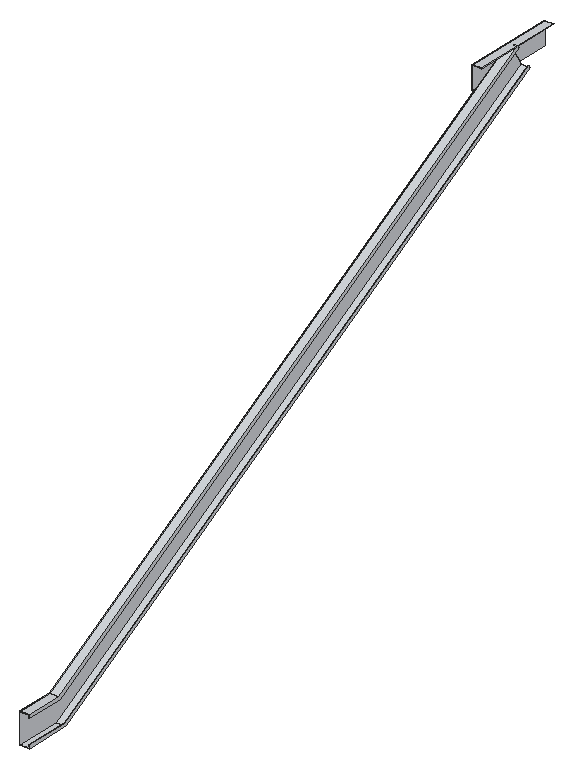
Revit family "BIMSF-Kicker-BottomShoe", category Structural Framing, host Wall, Revit 2024
Family settings
  Host = Wall
  Section Shape = Not Defined
  Material for Model Behavior = Steel
  Always export as geometry = No
  Always vertical = Yes
  Cut with Voids When Loaded = No
  Symbolic Representation = From Family
  Shared = No
  Show family pre-cut in plan views = Yes
Parameters (values of type "Default")
  tf = 0' - 0 9/256"
  l [instance] = (Eo / sin(Ea)) - (d / tan(Ea))  # 7' - 5.0718"
  d = 0' - 4"
  bf = 0' - 1 1/4"
  Xcg = bf / 2  # 0' - 0 5/8"
  ShoeLength [instance] = 0' - 6"
  Return = 0' - 0 3/8"
  OffV [instance] = d / 2  # 0' - 2"
  OffH [instance] = bf / 2  # 0' - 0 5/8"
  Lo [instance] = (ShoeLength / 2) + (Eo / tan(Ea)) - (d / sin(Ea))  # 6' - 6.13844"
  Eo [instance] = 4' - 0"
  Ea [instance] = 30.00°
  Clip_bf = 0' - 1 1/4"
  Clip_d = 0' - 3"
  ClipOffV = Clip_d / 2  # 0' - 1 1/2"
  ClipOffH = Clip_bf / 2  # 0' - 0 5/8"
  ClipLength = 1' - 0"
Reference planes (in)
  plane 1: y = 0
  plane 2 "Center (Left/Right)": x = 0
  plane 3 "Wall Edge": y = 3
  plane 4: y = 78.13844
  plane 5: z = 48
  plane 6: y = -3
  plane 7: y = 72.13844
  plane 8: y = 84.13844
  plane 9: y = 3
Forms (in)
  Sweep 1, solid
    path origin (0, 0, 0) x (0, 1, 0) y (0, 0, 1)
      loop
        line (-3, 0) -> (3, 0) -> (80.13844, 44.5359)
    profile "ColdFormed-C Stud-Profile-Medium : ColdFormed-C Stud-Profile-Medium" origin (0, 0, 0) x (0, 0, 1) y (1, 0, 0)
      loop
        line (3.625, 1.25) -> (3.625, 1.21484) -> (3.96484, 1.21484) -> (3.96484, 0.03516) -> (0.03516, 0.03516) -> (0.03516, 1.21484) -> (0.375, 1.21484) -> (0.375, 1.25) -> (0, 1.25) -> (0, 0) -> (4, 0) -> (4, 1.25) -> (3.625, 1.25)
  Sweep 2, solid
    path origin (0, 0, 0) x (0, 1, 0) y (0, 0, 1)
      loop
        line (84.13844, 48) -> (72.13844, 48)
    profile "ColdFormed-L Stud-Profile-Medium : ColdFormed-C Stud-Profile-Medium" origin (0, 78.13844, 48) x (0, 0, -1) y (1, 0, 0)
      loop
        line (3, 0.03516) -> (0.03516, 0.03516) -> (0.03516, 1.25) -> (0, 1.25) -> (0, 0) -> (3, 0) -> (3, 0.03516)
Text (in)
  text "Placement Side" at (0, 40.15149, 123.01588), in view "Right"
  text "Placement Side" at (-70.3804, 28.46503, 0), in view "Ref. Level"
  text "Placement Side" at (0, 81.62555, 140.59947), in view "Left"
Dimensions and locks (in)
  locked: plane 3 "Wall Edge" to host wall
  "Eo": plane 5 to level
  "l": Sweep 1 sketch curve to Sweep 1 sketch curve
  equal spacing: plane 8, plane 4, plane 7
  "ClipLength": plane 8 to plane 7
  equal spacing: plane 9, plane 1, plane 6
  "ShoeLength": plane 9 to plane 6
  "Lo": plane 4 to plane 1
  "Ea": angle Sweep 1 sketch curve to level
  aligned and locked: plane 6 to Sweep 1 sketch curve
  aligned and locked: level to Sweep 1 sketch curve
  aligned and locked: plane 8 to Sweep 2 sketch curve
  aligned and locked: plane 7 to Sweep 2 sketch curve
  aligned and locked: Sweep 2 sketch curve to plane 5
  aligned and locked: plane 9 to Sweep 1 sketch curve
Types in the file's own list only (142): name | tf | d | bf | Xcg | Return | Clip_bf | ClipOffH
  162K125-27 | 0' - 0 1/32" | 0' - 1 5/8" | 0' - 1 1/4" | 0' - 0 5/8" | 0' - 0 3/16" | 0' - 1 1/4" | 0' - 0 5/8"
  162K125-30 | 0' - 0 1/32" | 0' - 1 5/8" | 0' - 1 1/4" | 0' - 0 5/8" | 0' - 0 3/16" | 0' - 1 1/4" | 0' - 0 5/8"
  162K125-33 | 0' - 0 1/32" | 0' - 1 5/8" | 0' - 1 1/4" | 0' - 0 5/8" | 0' - 0 3/16" | 0' - 1 1/4" | 0' - 0 5/8"
  250K125-27 | 0' - 0 1/32" | 0' - 2 1/2" | 0' - 1 1/4" | 0' - 0 5/8" | 0' - 0 3/16" | 0' - 1 1/4" | 0' - 0 5/8"
  250K125-30 | 0' - 0 1/32" | 0' - 2 1/2" | 0' - 1 1/4" | 0' - 0 5/8" | 0' - 0 3/16" | 0' - 1 1/4" | 0' - 0 5/8"
  250K125-33 | 0' - 0 1/32" | 0' - 2 1/2" | 0' - 1 1/4" | 0' - 0 5/8" | 0' - 0 3/16" | 0' - 1 1/4" | 0' - 0 5/8"
  250K125-43 | 0' - 0 1/32" | 0' - 2 1/2" | 0' - 1 1/4" | 0' - 0 5/8" | 0' - 0 3/16" | 0' - 1 1/4" | 0' - 0 5/8"
  250K125-54 | 0' - 0 1/16" | 0' - 2 1/2" | 0' - 1 1/4" | 0' - 0 5/8" | 0' - 0 3/16" | 0' - 1 1/4" | 0' - 0 5/8"
  250K125-68 | 0' - 0 1/16" | 0' - 2 1/2" | 0' - 1 1/4" | 0' - 0 5/8" | 0' - 0 3/16" | 0' - 1 1/4" | 0' - 0 5/8"
  350K125-27 | 0' - 0 1/32" | 0' - 3 1/2" | 0' - 1 1/4" | 0' - 0 5/8" | 0' - 0 3/16" | 0' - 1 1/4" | 0' - 0 5/8"
  350K125-30 | 0' - 0 1/32" | 0' - 3 1/2" | 0' - 1 1/4" | 0' - 0 5/8" | 0' - 0 3/16" | 0' - 1 1/4" | 0' - 0 5/8"
  350K125-33 | 0' - 0 1/32" | 0' - 3 1/2" | 0' - 1 1/4" | 0' - 0 5/8" | 0' - 0 3/16" | 0' - 1 1/4" | 0' - 0 5/8"
  350K125-43 | 0' - 0 1/32" | 0' - 3 1/2" | 0' - 1 1/4" | 0' - 0 5/8" | 0' - 0 3/16" | 0' - 1 1/4" | 0' - 0 5/8"
  350K125-54 | 0' - 0 1/16" | 0' - 3 1/2" | 0' - 1 1/4" | 0' - 0 5/8" | 0' - 0 3/16" | 0' - 1 1/4" | 0' - 0 5/8"
  350K125-68 | 0' - 0 1/16" | 0' - 3 1/2" | 0' - 1 1/4" | 0' - 0 5/8" | 0' - 0 3/16" | 0' - 1 1/4" | 0' - 0 5/8"
  362K125-27 | 0' - 0 1/32" | 0' - 3 5/8" | 0' - 1 1/4" | 0' - 0 5/8" | 0' - 0 3/16" | 0' - 1 1/4" | 0' - 0 5/8"
  362K125-30 | 0' - 0 1/32" | 0' - 3 5/8" | 0' - 1 1/4" | 0' - 0 5/8" | 0' - 0 3/16" | 0' - 1 1/4" | 0' - 0 5/8"
  362K125-33 | 0' - 0 1/32" | 0' - 3 5/8" | 0' - 1 1/4" | 0' - 0 5/8" | 0' - 0 3/16" | 0' - 1 1/4" | 0' - 0 5/8"
  362K125-43 | 0' - 0 1/32" | 0' - 3 5/8" | 0' - 1 1/4" | 0' - 0 5/8" | 0' - 0 3/16" | 0' - 1 1/4" | 0' - 0 5/8"
  362K125-54 | 0' - 0 1/16" | 0' - 3 5/8" | 0' - 1 1/4" | 0' - 0 5/8" | 0' - 0 3/16" | 0' - 1 1/4" | 0' - 0 5/8"
  362K125-68 | 0' - 0 1/16" | 0' - 3 5/8" | 0' - 1 1/4" | 0' - 0 5/8" | 0' - 0 3/16" | 0' - 1 1/4" | 0' - 0 5/8"
  400K125-27 | 0' - 0 1/32" | 0' - 4" | 0' - 1 1/4" | 0' - 0 5/8" | 0' - 0 3/16" | 0' - 1 1/4" | 0' - 0 5/8"
  400K125-30 | 0' - 0 1/32" | 0' - 4" | 0' - 1 1/4" | 0' - 0 5/8" | 0' - 0 3/16" | 0' - 1 1/4" | 0' - 0 5/8"
  400K125-33 | 0' - 0 1/32" | 0' - 4" | 0' - 1 1/4" | 0' - 0 5/8" | 0' - 0 3/16" | 0' - 1 1/4" | 0' - 0 5/8"
  400K125-43 | 0' - 0 1/32" | 0' - 4" | 0' - 1 1/4" | 0' - 0 5/8" | 0' - 0 3/16" | 0' - 1 1/4" | 0' - 0 5/8"
  400K125-54 | 0' - 0 1/16" | 0' - 4" | 0' - 1 1/4" | 0' - 0 5/8" | 0' - 0 3/16" | 0' - 1 1/4" | 0' - 0 5/8"
  400K125-68 | 0' - 0 1/16" | 0' - 4" | 0' - 1 1/4" | 0' - 0 5/8" | 0' - 0 3/16" | 0' - 1 1/4" | 0' - 0 5/8"
  550K125-27 | 0' - 0 1/32" | 0' - 5 1/2" | 0' - 1 1/4" | 0' - 0 5/8" | 0' - 0 3/16" | 0' - 1 1/4" | 0' - 0 5/8"
  550K125-30 | 0' - 0 1/32" | 0' - 5 1/2" | 0' - 1 1/4" | 0' - 0 5/8" | 0' - 0 3/16" | 0' - 1 1/4" | 0' - 0 5/8"
  550K125-33 | 0' - 0 1/32" | 0' - 5 1/2" | 0' - 1 1/4" | 0' - 0 5/8" | 0' - 0 3/16" | 0' - 1 1/4" | 0' - 0 5/8"
  550K125-43 | 0' - 0 1/32" | 0' - 5 1/2" | 0' - 1 1/4" | 0' - 0 5/8" | 0' - 0 3/16" | 0' - 1 1/4" | 0' - 0 5/8"
  550K125-54 | 0' - 0 1/16" | 0' - 5 1/2" | 0' - 1 1/4" | 0' - 0 5/8" | 0' - 0 3/16" | 0' - 1 1/4" | 0' - 0 5/8"
  550K125-68 | 0' - 0 1/16" | 0' - 5 1/2" | 0' - 1 1/4" | 0' - 0 5/8" | 0' - 0 3/16" | 0' - 1 1/4" | 0' - 0 5/8"
  600K125-27 | 0' - 0 1/32" | 0' - 6" | 0' - 1 1/4" | 0' - 0 5/8" | 0' - 0 3/16" | 0' - 1 1/4" | 0' - 0 5/8"
  600K125-30 | 0' - 0 1/32" | 0' - 6" | 0' - 1 1/4" | 0' - 0 5/8" | 0' - 0 3/16" | 0' - 1 1/4" | 0' - 0 5/8"
  600K125-33 | 0' - 0 1/32" | 0' - 6" | 0' - 1 1/4" | 0' - 0 5/8" | 0' - 0 3/16" | 0' - 1 1/4" | 0' - 0 5/8"
  600K125-43 | 0' - 0 1/32" | 0' - 6" | 0' - 1 1/4" | 0' - 0 5/8" | 0' - 0 3/16" | 0' - 1 1/4" | 0' - 0 5/8"
  600K125-54 | 0' - 0 1/16" | 0' - 6" | 0' - 1 1/4" | 0' - 0 5/8" | 0' - 0 3/16" | 0' - 1 1/4" | 0' - 0 5/8"
  600K125-68 | 0' - 0 1/16" | 0' - 6" | 0' - 1 1/4" | 0' - 0 5/8" | 0' - 0 3/16" | 0' - 1 1/4" | 0' - 0 5/8"
  800K125-33 | 0' - 0 1/32" | 0' - 8" | 0' - 1 1/4" | 0' - 0 5/8" | 0' - 0 3/16" | 0' - 1 1/4" | 0' - 0 5/8"
  800K125-43 | 0' - 0 1/32" | 0' - 8" | 0' - 1 1/4" | 0' - 0 5/8" | 0' - 0 3/16" | 0' - 1 1/4" | 0' - 0 5/8"
  800K125-54 | 0' - 0 1/16" | 0' - 8" | 0' - 1 1/4" | 0' - 0 5/8" | 0' - 0 3/16" | 0' - 1 1/4" | 0' - 0 5/8"
  800K125-68 | 0' - 0 1/16" | 0' - 8" | 0' - 1 1/4" | 0' - 0 5/8" | 0' - 0 3/16" | 0' - 1 1/4" | 0' - 0 5/8"
  250K137-33 | 0' - 0 1/32" | 0' - 2 1/2" | 0' - 1 3/8" | 0' - 0 11/16" | 0' - 0 3/8" | 0' - 1 3/8" | 0' - 0 11/16"
  250K137-43 | 0' - 0 1/32" | 0' - 2 1/2" | 0' - 1 3/8" | 0' - 0 11/16" | 0' - 0 3/8" | 0' - 1 3/8" | 0' - 0 11/16"
  250K137-54 | 0' - 0 1/16" | 0' - 2 1/2" | 0' - 1 3/8" | 0' - 0 11/16" | 0' - 0 3/8" | 0' - 1 3/8" | 0' - 0 11/16"
  250K137-68 | 0' - 0 1/16" | 0' - 2 1/2" | 0' - 1 3/8" | 0' - 0 11/16" | 0' - 0 3/8" | 0' - 1 3/8" | 0' - 0 11/16"
  250K162-33 | 0' - 0 1/32" | 0' - 2 1/2" | 0' - 1 5/8" | 0' - 0 13/16" | 0' - 0 1/2" | 0' - 1 5/8" | 0' - 0 13/16"
  250K162-43 | 0' - 0 1/32" | 0' - 2 1/2" | 0' - 1 5/8" | 0' - 0 13/16" | 0' - 0 1/2" | 0' - 1 5/8" | 0' - 0 13/16"
  250K162-54 | 0' - 0 1/16" | 0' - 2 1/2" | 0' - 1 5/8" | 0' - 0 13/16" | 0' - 0 1/2" | 0' - 1 5/8" | 0' - 0 13/16"
  250K162-68 | 0' - 0 1/16" | 0' - 2 1/2" | 0' - 1 5/8" | 0' - 0 13/16" | 0' - 0 1/2" | 0' - 1 5/8" | 0' - 0 13/16"
  350K162-33 | 0' - 0 1/32" | 0' - 3 1/2" | 0' - 1 5/8" | 0' - 0 13/16" | 0' - 0 1/2" | 0' - 1 5/8" | 0' - 0 13/16"
  350K162-43 | 0' - 0 1/32" | 0' - 3 1/2" | 0' - 1 5/8" | 0' - 0 13/16" | 0' - 0 1/2" | 0' - 1 5/8" | 0' - 0 13/16"
  350K162-54 | 0' - 0 1/16" | 0' - 3 1/2" | 0' - 1 5/8" | 0' - 0 13/16" | 0' - 0 1/2" | 0' - 1 5/8" | 0' - 0 13/16"
  350K162-68 | 0' - 0 1/16" | 0' - 3 1/2" | 0' - 1 5/8" | 0' - 0 13/16" | 0' - 0 1/2" | 0' - 1 5/8" | 0' - 0 13/16"
  362K137-33 | 0' - 0 1/32" | 0' - 3 5/8" | 0' - 1 3/8" | 0' - 0 11/16" | 0' - 0 3/8" | 0' - 1 3/8" | 0' - 0 11/16"
  362K137-43 | 0' - 0 1/32" | 0' - 3 5/8" | 0' - 1 3/8" | 0' - 0 11/16" | 0' - 0 3/8" | 0' - 1 3/8" | 0' - 0 11/16"
  362K137-54 | 0' - 0 1/16" | 0' - 3 5/8" | 0' - 1 3/8" | 0' - 0 11/16" | 0' - 0 3/8" | 0' - 1 3/8" | 0' - 0 11/16"
  362K137-68 | 0' - 0 1/16" | 0' - 3 5/8" | 0' - 1 3/8" | 0' - 0 11/16" | 0' - 0 3/8" | 0' - 1 3/8" | 0' - 0 11/16"
  362K162-33 | 0' - 0 1/32" | 0' - 3 5/8" | 0' - 1 5/8" | 0' - 0 13/16" | 0' - 0 1/2" | 0' - 1 5/8" | 0' - 0 13/16"
  362K162-43 | 0' - 0 1/32" | 0' - 3 5/8" | 0' - 1 5/8" | 0' - 0 13/16" | 0' - 0 1/2" | 0' - 1 5/8" | 0' - 0 13/16"
  362K162-54 | 0' - 0 1/16" | 0' - 3 5/8" | 0' - 1 5/8" | 0' - 0 13/16" | 0' - 0 1/2" | 0' - 1 5/8" | 0' - 0 13/16"
  362K162-68 | 0' - 0 1/16" | 0' - 3 5/8" | 0' - 1 5/8" | 0' - 0 13/16" | 0' - 0 1/2" | 0' - 1 5/8" | 0' - 0 13/16"
  362K200-33 | 0' - 0 1/32" | 0' - 3 5/8" | 0' - 2" | 0' - 1" | 0' - 0 5/8" | 0' - 2" | 0' - 1"
  362K200-43 | 0' - 0 1/32" | 0' - 3 5/8" | 0' - 2" | 0' - 1" | 0' - 0 5/8" | 0' - 2" | 0' - 1"
  362K200-54 | 0' - 0 1/16" | 0' - 3 5/8" | 0' - 2" | 0' - 1" | 0' - 0 5/8" | 0' - 2" | 0' - 1"
  362K200-68 | 0' - 0 1/16" | 0' - 3 5/8" | 0' - 2" | 0' - 1" | 0' - 0 5/8" | 0' - 2" | 0' - 1"
  400K137-33 | 0' - 0 1/32" | 0' - 4" | 0' - 1 3/8" | 0' - 0 11/16" | 0' - 0 3/8" | 0' - 1 3/8" | 0' - 0 11/16"
  400K137-43 | 0' - 0 1/32" | 0' - 4" | 0' - 1 3/8" | 0' - 0 11/16" | 0' - 0 3/8" | 0' - 1 3/8" | 0' - 0 11/16"
  400K137-54 | 0' - 0 1/16" | 0' - 4" | 0' - 1 3/8" | 0' - 0 11/16" | 0' - 0 3/8" | 0' - 1 3/8" | 0' - 0 11/16"
  400K137-68 | 0' - 0 1/16" | 0' - 4" | 0' - 1 3/8" | 0' - 0 11/16" | 0' - 0 3/8" | 0' - 1 3/8" | 0' - 0 11/16"
  400K162-33 | 0' - 0 1/32" | 0' - 4" | 0' - 1 5/8" | 0' - 0 13/16" | 0' - 0 1/2" | 0' - 1 5/8" | 0' - 0 13/16"
  400K162-43 | 0' - 0 1/32" | 0' - 4" | 0' - 1 5/8" | 0' - 0 13/16" | 0' - 0 1/2" | 0' - 1 5/8" | 0' - 0 13/16"
  400K162-54 | 0' - 0 1/16" | 0' - 4" | 0' - 1 5/8" | 0' - 0 13/16" | 0' - 0 1/2" | 0' - 1 5/8" | 0' - 0 13/16"
  400K162-68 | 0' - 0 1/16" | 0' - 4" | 0' - 1 5/8" | 0' - 0 13/16" | 0' - 0 1/2" | 0' - 1 5/8" | 0' - 0 13/16"
  400K200-33 | 0' - 0 1/32" | 0' - 4" | 0' - 2" | 0' - 1" | 0' - 0 5/8" | 0' - 2" | 0' - 1"
  400K200-43 | 0' - 0 1/32" | 0' - 4" | 0' - 2" | 0' - 1" | 0' - 0 5/8" | 0' - 2" | 0' - 1"
  400K200-54 | 0' - 0 1/16" | 0' - 4" | 0' - 2" | 0' - 1" | 0' - 0 5/8" | 0' - 2" | 0' - 1"
  400K200-68 | 0' - 0 1/16" | 0' - 4" | 0' - 2" | 0' - 1" | 0' - 0 5/8" | 0' - 2" | 0' - 1"
  550K162-33 | 0' - 0 1/32" | 0' - 5 1/2" | 0' - 1 5/8" | 0' - 0 13/16" | 0' - 0 1/2" | 0' - 1 5/8" | 0' - 0 13/16"
  550K162-43 | 0' - 0 1/32" | 0' - 5 1/2" | 0' - 1 5/8" | 0' - 0 13/16" | 0' - 0 1/2" | 0' - 1 5/8" | 0' - 0 13/16"
  550K162-54 | 0' - 0 1/16" | 0' - 5 1/2" | 0' - 1 5/8" | 0' - 0 13/16" | 0' - 0 1/2" | 0' - 1 5/8" | 0' - 0 13/16"
  550K162-68 | 0' - 0 1/16" | 0' - 5 1/2" | 0' - 1 5/8" | 0' - 0 13/16" | 0' - 0 1/2" | 0' - 1 5/8" | 0' - 0 13/16"
  600K137-33 | 0' - 0 1/32" | 0' - 6" | 0' - 1 3/8" | 0' - 0 11/16" | 0' - 0 3/8" | 0' - 1 3/8" | 0' - 0 11/16"
  600K137-43 | 0' - 0 1/32" | 0' - 6" | 0' - 1 3/8" | 0' - 0 11/16" | 0' - 0 3/8" | 0' - 1 3/8" | 0' - 0 11/16"
  600K137-54 | 0' - 0 1/16" | 0' - 6" | 0' - 1 3/8" | 0' - 0 11/16" | 0' - 0 3/8" | 0' - 1 3/8" | 0' - 0 11/16"
  600K137-68 | 0' - 0 1/16" | 0' - 6" | 0' - 1 3/8" | 0' - 0 11/16" | 0' - 0 3/8" | 0' - 1 3/8" | 0' - 0 11/16"
  600K137-97 | 0' - 0 3/32" | 0' - 6" | 0' - 1 3/8" | 0' - 0 11/16" | 0' - 0 3/8" | 0' - 1 3/8" | 0' - 0 11/16"
  600K162-33 | 0' - 0 1/32" | 0' - 6" | 0' - 1 5/8" | 0' - 0 13/16" | 0' - 0 1/2" | 0' - 1 5/8" | 0' - 0 13/16"
  600K162-43 | 0' - 0 1/32" | 0' - 6" | 0' - 1 5/8" | 0' - 0 13/16" | 0' - 0 1/2" | 0' - 1 5/8" | 0' - 0 13/16"
  600K162-54 | 0' - 0 1/16" | 0' - 6" | 0' - 1 5/8" | 0' - 0 13/16" | 0' - 0 1/2" | 0' - 1 5/8" | 0' - 0 13/16"
  600K162-68 | 0' - 0 1/16" | 0' - 6" | 0' - 1 5/8" | 0' - 0 13/16" | 0' - 0 1/2" | 0' - 1 5/8" | 0' - 0 13/16"
  600K162-97 | 0' - 0 3/32" | 0' - 6" | 0' - 1 5/8" | 0' - 0 13/16" | 0' - 0 1/2" | 0' - 1 5/8" | 0' - 0 13/16"
  600K200-33 | 0' - 0 1/32" | 0' - 6" | 0' - 2" | 0' - 1" | 0' - 0 5/8" | 0' - 2" | 0' - 1"
  600K200-43 | 0' - 0 1/32" | 0' - 6" | 0' - 2" | 0' - 1" | 0' - 0 5/8" | 0' - 2" | 0' - 1"
  600K200-54 | 0' - 0 1/16" | 0' - 6" | 0' - 2" | 0' - 1" | 0' - 0 5/8" | 0' - 2" | 0' - 1"
  600K200-68 | 0' - 0 1/16" | 0' - 6" | 0' - 2" | 0' - 1" | 0' - 0 5/8" | 0' - 2" | 0' - 1"
  600K200-97 | 0' - 0 3/32" | 0' - 6" | 0' - 2" | 0' - 1" | 0' - 0 5/8" | 0' - 2" | 0' - 1"
  600K250-43 | 0' - 0 1/32" | 0' - 6" | 0' - 2 1/2" | 0' - 1 1/4" | 0' - 0 5/8" | 0' - 2 1/2" | 0' - 1 1/4"
  600K250-54 | 0' - 0 1/16" | 0' - 6" | 0' - 2 1/2" | 0' - 1 1/4" | 0' - 0 5/8" | 0' - 2 1/2" | 0' - 1 1/4"
  600K250-68 | 0' - 0 1/16" | 0' - 6" | 0' - 2 1/2" | 0' - 1 1/4" | 0' - 0 5/8" | 0' - 2 1/2" | 0' - 1 1/4"
  600K250-97 | 0' - 0 3/32" | 0' - 6" | 0' - 2 1/2" | 0' - 1 1/4" | 0' - 0 5/8" | 0' - 2 1/2" | 0' - 1 1/4"
  800K137-33 | 0' - 0 1/32" | 0' - 8" | 0' - 1 3/8" | 0' - 0 11/16" | 0' - 0 3/8" | 0' - 1 3/8" | 0' - 0 11/16"
  800K137-43 | 0' - 0 1/32" | 0' - 8" | 0' - 1 3/8" | 0' - 0 11/16" | 0' - 0 3/8" | 0' - 1 3/8" | 0' - 0 11/16"
  800K137-54 | 0' - 0 1/16" | 0' - 8" | 0' - 1 3/8" | 0' - 0 11/16" | 0' - 0 3/8" | 0' - 1 3/8" | 0' - 0 11/16"
  800K137-68 | 0' - 0 1/16" | 0' - 8" | 0' - 1 3/8" | 0' - 0 11/16" | 0' - 0 3/8" | 0' - 1 3/8" | 0' - 0 11/16"
  800K137-97 | 0' - 0 3/32" | 0' - 8" | 0' - 1 3/8" | 0' - 0 11/16" | 0' - 0 3/8" | 0' - 1 3/8" | 0' - 0 11/16"
  800K162-33 | 0' - 0 1/32" | 0' - 8" | 0' - 1 5/8" | 0' - 0 13/16" | 0' - 0 1/2" | 0' - 1 5/8" | 0' - 0 13/16"
  800K162-43 | 0' - 0 1/32" | 0' - 8" | 0' - 1 5/8" | 0' - 0 13/16" | 0' - 0 1/2" | 0' - 1 5/8" | 0' - 0 13/16"
  800K162-54 | 0' - 0 1/16" | 0' - 8" | 0' - 1 5/8" | 0' - 0 13/16" | 0' - 0 1/2" | 0' - 1 5/8" | 0' - 0 13/16"
  800K162-68 | 0' - 0 1/16" | 0' - 8" | 0' - 1 5/8" | 0' - 0 13/16" | 0' - 0 1/2" | 0' - 1 5/8" | 0' - 0 13/16"
  800K162-97 | 0' - 0 3/32" | 0' - 8" | 0' - 1 5/8" | 0' - 0 13/16" | 0' - 0 1/2" | 0' - 1 5/8" | 0' - 0 13/16"
  800K200-33 | 0' - 0 1/32" | 0' - 8" | 0' - 2" | 0' - 1" | 0' - 0 5/8" | 0' - 2" | 0' - 1"
  800K200-43 | 0' - 0 1/32" | 0' - 8" | 0' - 2" | 0' - 1" | 0' - 0 5/8" | 0' - 2" | 0' - 1"
  800K200-54 | 0' - 0 1/16" | 0' - 8" | 0' - 2" | 0' - 1" | 0' - 0 5/8" | 0' - 2" | 0' - 1"
  800K200-68 | 0' - 0 1/16" | 0' - 8" | 0' - 2" | 0' - 1" | 0' - 0 5/8" | 0' - 2" | 0' - 1"
  800K200-97 | 0' - 0 3/32" | 0' - 8" | 0' - 2" | 0' - 1" | 0' - 0 5/8" | 0' - 2" | 0' - 1"
  800K250-43 | 0' - 0 1/32" | 0' - 8" | 0' - 2 1/2" | 0' - 1 1/4" | 0' - 0 5/8" | 0' - 2 1/2" | 0' - 1 1/4"
  800K250-54 | 0' - 0 1/16" | 0' - 8" | 0' - 2 1/2" | 0' - 1 1/4" | 0' - 0 5/8" | 0' - 2 1/2" | 0' - 1 1/4"
  800K250-68 | 0' - 0 1/16" | 0' - 8" | 0' - 2 1/2" | 0' - 1 1/4" | 0' - 0 5/8" | 0' - 2 1/2" | 0' - 1 1/4"
  800K250-97 | 0' - 0 3/32" | 0' - 8" | 0' - 2 1/2" | 0' - 1 1/4" | 0' - 0 5/8" | 0' - 2 1/2" | 0' - 1 1/4"
  1000K162-43 | 0' - 0 1/32" | 0' - 10" | 0' - 1 5/8" | 0' - 0 13/16" | 0' - 0 1/2" | 0' - 1 5/8" | 0' - 0 13/16"
  1000K162-54 | 0' - 0 1/16" | 0' - 10" | 0' - 1 5/8" | 0' - 0 13/16" | 0' - 0 1/2" | 0' - 1 5/8" | 0' - 0 13/16"
  1000K162-68 | 0' - 0 1/16" | 0' - 10" | 0' - 1 5/8" | 0' - 0 13/16" | 0' - 0 1/2" | 0' - 1 5/8" | 0' - 0 13/16"
  1000K162-97 | 0' - 0 3/32" | 0' - 10" | 0' - 1 5/8" | 0' - 0 13/16" | 0' - 0 1/2" | 0' - 1 5/8" | 0' - 0 13/16"
  1000K200-43 | 0' - 0 1/32" | 0' - 10" | 0' - 2" | 0' - 1" | 0' - 0 5/8" | 0' - 2" | 0' - 1"
  1000K200-54 | 0' - 0 1/16" | 0' - 10" | 0' - 2" | 0' - 1" | 0' - 0 5/8" | 0' - 2" | 0' - 1"
  1000K200-68 | 0' - 0 1/16" | 0' - 10" | 0' - 2" | 0' - 1" | 0' - 0 5/8" | 0' - 2" | 0' - 1"
  1000K200-97 | 0' - 0 3/32" | 0' - 10" | 0' - 2" | 0' - 1" | 0' - 0 5/8" | 0' - 2" | 0' - 1"
  1000K250-43 | 0' - 0 1/32" | 0' - 10" | 0' - 2 1/2" | 0' - 1 1/4" | 0' - 0 5/8" | 0' - 2 1/2" | 0' - 1 1/4"
  1000K250-54 | 0' - 0 1/16" | 0' - 10" | 0' - 2 1/2" | 0' - 1 1/4" | 0' - 0 5/8" | 0' - 2 1/2" | 0' - 1 1/4"
  1000K250-68 | 0' - 0 1/16" | 0' - 10" | 0' - 2 1/2" | 0' - 1 1/4" | 0' - 0 5/8" | 0' - 2 1/2" | 0' - 1 1/4"
  1000K250-97 | 0' - 0 3/32" | 0' - 10" | 0' - 2 1/2" | 0' - 1 1/4" | 0' - 0 5/8" | 0' - 2 1/2" | 0' - 1 1/4"
  1200K162-54 | 0' - 0 1/16" | 1' - 0" | 0' - 1 5/8" | 0' - 0 13/16" | 0' - 0 1/2" | 0' - 1 5/8" | 0' - 0 13/16"
  1200K162-68 | 0' - 0 1/16" | 1' - 0" | 0' - 1 5/8" | 0' - 0 13/16" | 0' - 0 1/2" | 0' - 1 5/8" | 0' - 0 13/16"
  1200K162-97 | 0' - 0 3/32" | 1' - 0" | 0' - 1 5/8" | 0' - 0 13/16" | 0' - 0 1/2" | 0' - 1 5/8" | 0' - 0 13/16"
  1200K200-54 | 0' - 0 1/16" | 1' - 0" | 0' - 2" | 0' - 1" | 0' - 0 5/8" | 0' - 2" | 0' - 1"
  1200K200-68 | 0' - 0 1/16" | 1' - 0" | 0' - 2" | 0' - 1" | 0' - 0 5/8" | 0' - 2" | 0' - 1"
  1200K200-97 | 0' - 0 3/32" | 1' - 0" | 0' - 2" | 0' - 1" | 0' - 0 5/8" | 0' - 2" | 0' - 1"
  1200K250-54 | 0' - 0 1/16" | 1' - 0" | 0' - 2 1/2" | 0' - 1 1/4" | 0' - 0 5/8" | 0' - 2 1/2" | 0' - 1 1/4"
  1200K250-68 | 0' - 0 1/16" | 1' - 0" | 0' - 2 1/2" | 0' - 1 1/4" | 0' - 0 5/8" | 0' - 2 1/2" | 0' - 1 1/4"
  1200K250-97 | 0' - 0 3/32" | 1' - 0" | 0' - 2 1/2" | 0' - 1 1/4" | 0' - 0 5/8" | 0' - 2 1/2" | 0' - 1 1/4"
